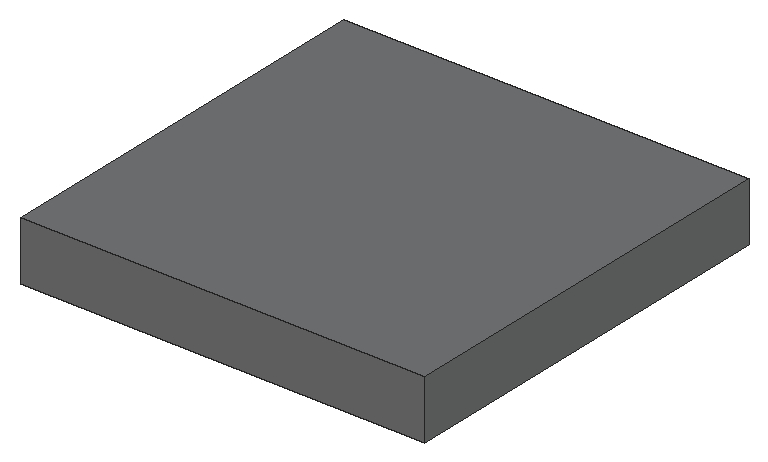
Revit family "Gira_028603", category Electrical Fixtures, host Face, Revit 2017
Family settings
  Host = Face
  Maintain Annotation Orientation = No
  Round Connector Dimension = Use Diameter
  Part Type = Normal
  Cut with Voids When Loaded = No
  Shared = No
  Room Calculation Point = No
Parameters (values of type "Wippe Symb. Klingel System 55 Reinweiß")
  Werkstoffgüte = "Thermoplast"
  Werkstoff = "Kunststoff"
  Verwendung = "Schalter/Taster"
  URL = "http://katalog.gira.de/de_DE/datenblatt.html?artikelnr=028603"
  Region = "DE"
  RAL-Nummer (ähnlich) = "9010 "
  Oberfläche = "sonstige"
  Name = "Wippe Symb. Klingel System 55 Reinweiß"
  Mit austauschbarer Linse/Symbol = "No"
  Mit Beschriftungsfeld = "No"
  Manufacturer URL = "https://www.gira.de/"
  Kontrollfenster/Lichtauslass = "No"
  Keynote = "Sys55_Abdeckung_Schalten und Tasten"
  HeinzeBIM = "https://bimportal.heinze.de/bim/wippe-symb-klingel-system-55-reinweiss/43f027328b8e54efe20aefb2e5ae2e52c4ea6d65"
  Halogenfrei = "Yes"
  HAN = "028603"
  Geeignet für Schutzart (IP) = "IP20"
  Geeignet für Bussystem-Tasterankopplung = "No"
  GTIN = "4010337286035"
  Farbe = "weiß"
  Default Elevation = 1219.2 mm
  Data sheet (1) = "https://katalog.gira.de/de_DE/download.html?artikelnr=028603"
  Category = "Abdeckung/Bedienelement für Installationsschalterprogramme"
  Befestigungsart = "Klemmbefestigung"
  Available = "Yes"
  Ausführung der Oberfläche = "glänzend"
  Ausführung = "einteilige Wippe"
  Aufdruck/Kennzeichnung = "Symbol \"Klingel\""
  Anthrazit [instance] = Anthrazit
  Abtastbares Symbol/barrierefrei = "No"
Reference planes
  plane 1 "Center (Front/Back)": y = 0
  plane 2: z = 0
  plane 3 "Center (Left/Right)": x = 0
Forms (mm)
  Extrusion 1, solid, material "Anthrazit" <- "Anthrazit", detail levels fine
    sketch origin (0, 0, 0) x (1, 0, 0) y (0, 1, 0)
      loop
        line (-27.5, 27.5) -> (-27.5, -27.5) -> (27.5, -27.5) -> (27.5, 27.5) -> (-27.5, 27.5)
    from 0 to 8
  Extrusion 2, void
    sketch origin (0, 0, 0) x (1, 0, 0) y (0, 1, 0)
      loop
        line (26, 26) -> (-26, 26) -> (-26, -26) -> (26, -26) -> (26, 26)
    from 0 to 6
  Extrusion 3, solid, material "Anthrazit" <- "Anthrazit", detail levels medium
    sketch origin (0, 0, 0) x (1, 0, 0) y (0, 1, 0)
      loop
        line (-27.5, 27.5) -> (-27.5, -27.5) -> (27.5, -27.5) -> (27.5, 27.5) -> (-27.5, 27.5)
    from 0 to 8
  Extrusion 4, solid, material "Anthrazit" <- "Anthrazit", detail levels medium
    sketch origin (0, 0, 0) x (1, 0, 0) y (0, 1, 0)
      loop
        line (11, -17.5) -> (11, 17.5) -> (-11, 17.5) -> (-11, -17.5) -> (11, -17.5)
    from -6 to 6
  Extrusion 5, solid, material "Anthrazit" <- "Anthrazit", detail levels fine
    sketch origin (0, 0, 0) x (1, 0, 0) y (0, 1, 0)
      loop
        line (11, 17.5) -> (-11, 17.5) -> (-11, 16.5) -> (11, 16.5) -> (11, 17.5)
      loop
        line (-11, -16.5) -> (-11, -17.5) -> (11, -17.5) -> (11, -16.5) -> (-11, -16.5)
    from -4 to 6
  Extrusion 6, solid, material "Anthrazit" <- "Anthrazit", detail levels fine
    sketch origin (0, 0, 0) x (1, 0, 0) y (0, 1, 0)
      loop
        arc (5, 9.347) -> (0, 10.6) -> (-5, 9.347) r 10.6
        line (-5, 9.347) -> (-5, -9.347)
        arc (-5, -9.347) -> (0, -10.6) -> (5, -9.347) r 10.6
        line (5, -9.347) -> (5, 9.347)
    from -6 to 6
  Extrusion 7, solid, material "Anthrazit" <- "Anthrazit", detail levels coarse
    sketch origin (0, 0, 0) x (1, 0, 0) y (0, 1, 0)
      loop
        line (-27.5, 27.5) -> (-27.5, -27.5) -> (27.5, -27.5) -> (27.5, 27.5) -> (-27.5, 27.5)
    from -6 to 8
Cuts and joins
  Extrusion 2 cuts Extrusion 1
Dimensions and locks
  aligned and locked: plane 2 to host face
  aligned and locked: level to host face
